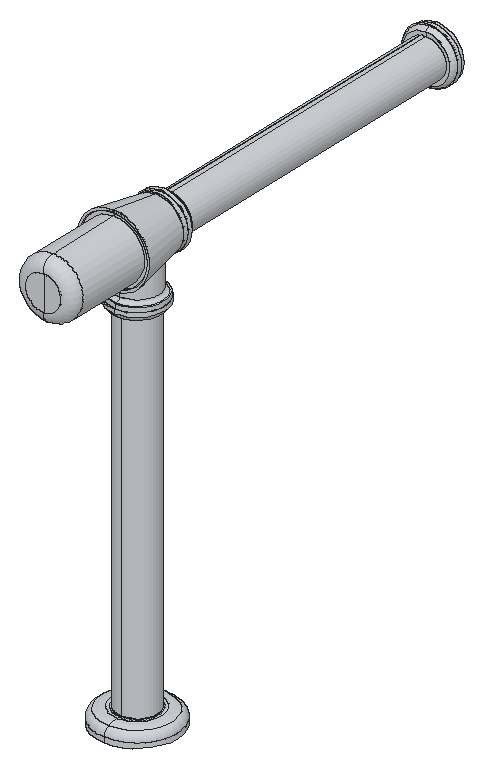
Revit family "Plumbing-Bottle_Trap-KOHLER-Complementary-K-75823IN", category Plumbing Fixtures, host Face, Revit 2022 (continued)
Definition of nested family "K-75823IN"
  Automatic sketch dimensions
    Revolve 1 sketch curve to plane 1 "Center (Front/Back)" = 0"  (x2)
    Revolve 1 sketch curve to level = 0"
    Revolve 1 sketch curve to plane 5 = 0.27209"
    plane 8 to Revolve 1 sketch curve = 0.15717"
    Revolve 1 sketch curve to plane 5 = 0.39382"
    Revolve 1 sketch curve to Revolve 1 sketch curve = 0.03492"  (x2)
    Revolve 1 sketch curve to Revolve 1 sketch curve = 0.28416"
    Revolve 1 sketch curve to Revolve 1 sketch curve = 0.05683"
    Revolve 1 sketch curve to Revolve 1 sketch curve = 0.09196"
    Revolve 1 sketch curve to Revolve 1 sketch curve = 0.10514"
    Revolve 1 sketch curve to plane 5 = 0.60368"
    Revolve 1 sketch curve to Revolve 1 sketch curve = 0.13398"
    plane 8 to Revolve 1 sketch curve = 0.2017"
    Revolve 1 sketch curve to level = 0.39488"
    level to Revolve 1 sketch curve = 0.1566"
    Revolve 1 sketch curve to Revolve 1 sketch curve = 0.11822"
    Revolve 1 sketch curve to Revolve 1 sketch curve = 0.13774"
    Revolve 1 sketch curve to plane 8 = 1.79109"
    Revolve 1 sketch curve to plane 8 = 0.80683"
    Revolve 1 sketch curve to Revolve 1 sketch curve = 0.27124"
    Revolve 1 sketch curve to Revolve 1 sketch curve = 0.04434"
    Revolve 1 sketch curve to Revolve 1 sketch curve = 0.00282"
    Revolve 1 sketch curve to Revolve 1 sketch curve = 0.04417"
    Revolve 2 sketch curve to plane 9 = 0"  (x2)
    Revolve 2 sketch curve to plane 10 = 0"
    Revolve 2 sketch curve to plane 4 = 0"
    Revolve 2 sketch curve to plane 11 = 0"
    Revolve 2 sketch curve to plane 10 = 0.3937"
    Revolve 2 sketch curve to plane 5 = 0.33525"
    Revolve 2 sketch curve to Revolve 2 sketch curve = 0.03877"
    Revolve 2 sketch curve to Revolve 2 sketch curve = 0.0233"  (x2)
    Revolve 2 sketch curve to plane 4 = 0.55105"
    Revolve 2 sketch curve to Revolve 2 sketch curve = 0.057"
    Revolve 2 sketch curve to Revolve 2 sketch curve = 0.13761"
    Revolve 2 sketch curve to Revolve 2 sketch curve = 0.07671"
    Revolve 2 sketch curve to Revolve 2 sketch curve = 0.11822"
    Revolve 2 sketch curve to plane 4 = 0.13437"
    Revolve 2 sketch curve to Revolve 2 sketch curve = 0.05372"
    Revolve 2 sketch curve to Revolve 2 sketch curve = 0"
    Revolve 2 sketch curve to Revolve 2 sketch curve = 0.1315"
    Revolve 2 sketch curve to plane 9 = 0.55118"
    Revolve 2 sketch curve to Revolve 2 sketch curve = 0.56862"
    Revolve 2 sketch curve to Revolve 2 sketch curve = 0.02158"
    Revolve 2 sketch curve to Revolve 2 sketch curve = 0.03101"
    Revolve 2 sketch curve to Revolve 2 sketch curve = 0.05642"
    Revolve 2 sketch curve to Revolve 2 sketch curve = 0.02155"
    Revolve 2 sketch curve to Revolve 2 sketch curve = 0.59021"
    Revolve 2 sketch curve to Revolve 2 sketch curve = 0.75637"
    Revolve 2 sketch curve to Revolve 2 sketch curve = 0.05473"
    Revolve 2 sketch curve to Revolve 2 sketch curve = 0.15811"
    Revolve 2 sketch curve to Revolve 2 sketch curve = 0.00025"
    Revolve 2 sketch curve to Revolve 2 sketch curve = 0.09257"
    Revolve 2 sketch curve to Revolve 2 sketch curve = 0.002"
    Revolve 2 sketch curve to Revolve 2 sketch curve = 0.03163"
    Revolve 2 sketch curve to Revolve 2 sketch curve = 0.03409"
    Revolve 2 sketch curve to Revolve 2 sketch curve = 0.10827"
    Revolve 2 sketch curve to Revolve 2 sketch curve = 0.07082"
    Revolve 2 sketch curve to Revolve 2 sketch curve = 3.8674"
    Revolve 2 sketch curve to Revolve 2 sketch curve = 1.08543"
    plane 9 to Revolve 4 sketch curve = 0"
    curve 37 to curve 40 = 0"
    curve 36 to plane 3 "Center (Left/Right)" = 0"
    radius of curve 40 = 0.74393"
    radius of Extrusion 5 sketch curve = 0.19685"
    radius of Extrusion 6 sketch curve = 0.19685"
Types (7): name | Type | Product Page URL | Model | Finish
  (no name) | 1 | "https://www.kohler.co.in/product-detail/75823in?skuid=K-75823IN-CP" | "K-75823IN-CP" | Kohler-Metal-CP-Polished_Chrome
  CP-Polished Chrome | 1 | "https://www.kohler.co.in/product-detail/75823in?skuid=K-75823IN-CP" | "K-75823IN-CP" | Kohler-Metal-CP-Polished_Chrome
  AF-Vibrant French Gold | 2 | "https://www.kohler.co.in/product-detail/75823in?skuid=K-75823IN-AF" | "K-75823IN-AF" | Kohler-Metal-AF-Vibrant_French_Gold
  BL-Matte Black | 3 | "https://www.kohler.co.in/product-detail/75823in?skuid=K-75823IN-BL" | "K-75823IN-BL" | Kohler-Metal-BL-Matte_Black
  BN-Vibrant Brushed Nickel | 4 | "https://www.kohler.co.in/product-detail/75823in?skuid=K-75823IN-BN" | "K-75823IN-BN" | Kohler-Metal-BN-Vibrant_Brushed_Nickel
  BV-Brushed Bronze | 5 | "https://www.kohler.co.in/product-detail/75823in?skuid=K-75823IN-BV" | "K-75823IN-BV" | Kohler-Metal-BV-Brushed_Bronze
  RGD-Polished Rose Gold | 6 | "https://www.kohler.co.in/product-detail/75823in?skuid=K-75823IN-RGD" | "K-75823IN-RGD" | Kohler-Metal-RGD-Polished_Rose_Gold
